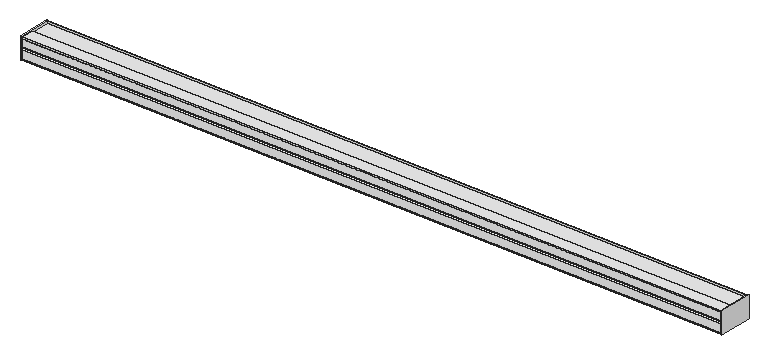
Revit family "4070762+4070747 Feilo Sylvania Lighting Fixture CURSUS 1161MM 770LM WIDE LED 4K with SINGLE WALL HOUSING", category Lighting Fixtures, host Face, Revit 2017
Family settings
  Host = Face
  Round Connector Dimension = Use Diameter
  Part Type = Normal
  OmniClass Number = 23.80.70.14
  OmniClass Title = Luminaries for External Lighting
  Cut with Voids When Loaded = Yes
  Light Source = Yes
  Shared = Yes
  Room Calculation Point = No
Parameters (values of type "4070762 CURSUS 1161MM 770LM WIDE LED 4K")
  Width_FEILO = 35 mm
  Weight = "2.2 kg"
  Wattage Comments = "n/a"
  Wattage = 18 W
  WarrantyStartDate [instance] = "n/a"
  WarrantyGuarantorParts = "n/a"
  WarrantyDurationUnit = "n/a"
  WarrantyDurationParts = "n/a"
  WarrantyDescription = "n/a"
  WallThickness_FEILO = 2.5 mm
  built-in parameter 1150110 = 1 (stored number, unit not read)
  Voltage = 230 V
  URL = "http://www.sylvania-lighting.com"
  TypeName = "CURSUS 1161MM 770LM WIDE LED 4K"
  Type Image = <None>
  Type Comments = "n/a"
  built-in parameter 1114217 = 1 (stored number, unit not read)
  Tilt Angle = -90.00°
  built-in parameter 1150109 = 1 (stored number, unit not read)
  built-in parameter 1150134 = 12
  built-in parameter 1150113 = 1 (stored number, unit not read)
  SerialNumber [instance] = "n/a"
  ReflectorMaterial = none
  PowerFactor = 0
  PowerConsumption = "18 W"
  Photometric Web File = "4070762.ies"
  NominalLength = 1161 mm
  NominalHeight = 50 mm
  NominalDepth = 30 mm
  Name = "CURSUS 1161MM 770LM WIDE LED 4K"
  ModelReference = Name  # "CURSUS 1161MM 770LM WIDE LED 4K"
  ModelNumber = "4070762"
  Model = Name  # "CURSUS 1161MM 770LM WIDE LED 4K"
  Material = "natural anodised extruded aluminium structure housing"
  ManufacturerName = "Feilo Sylvania"
  Manufacturer = "Feilo Sylvania"
  LuminousEfficacy = "42.77 lm/W"
  built-in parameter 1150105 = 424.94 (stored number, unit not read)
  Lumens = 770 lm
  LuminaireType = ""
  built-in parameter 1150115 = 1 (stored number, unit not read)
  LightOutputRatio = "100"
  built-in parameter 1150137 = (empty or 0)
  built-in parameter 1150139 = (empty or 0)
  Length_FEILO = 1167 mm
  LampsType = Lamp  # "LED"
  LampNominalLuminous = "770 lm"
  LampMacAdamStep = "n/a"
  LampColourTemperature = "4000 K"
  LampColourRenderingIndex = "80"
  built-in parameter 1150112 = 1 (stored number, unit not read)
  built-in parameter 1150114 = 1 (stored number, unit not read)
  Lamp = "LED"
  Keynote = "16500"
  InstallationDate [instance] = "n/a"
  InputVoltage = "220-240V~"
  InputNominalFrequency = "n/a"
  built-in parameter 1150132 = (empty or 0)
  built-in parameter 1150102 = (empty or 0)
  built-in parameter 1150107 = 4000 (stored number, unit not read)
  built-in parameter 1150138 = (empty or 0)
  IngressProtection = "IP67"
  ImpactProtectionIndex = "IK07"
  built-in parameter 1150106 = 4.2494 (stored number, unit not read)
  IfcExportType = "IfcLightFixtureType"
  IfcExportAs = "IfcLightFixtureType"
  ExpectedLife = 50000
  EndCapRight [instance] = yes
  EndCapLeft [instance] = yes
  Emit from Rectangle Width = Width_FEILO - WallThickness_FEILO * 2  # 30 mm
  Emit from Rectangle Length = Length_FEILO - WallThickness_FEILO * 2  # 1162 mm
  Emit Shape Visible in Rendering = no
  ElectricShockClassification = "Class III"
  built-in parameter 1150104 = 3.9742 (stored number, unit not read)
  DurationUnit = "hours"
  DocumentationLiterature = "http://www.sylvania-lighting.com/product/en-int/products/4070762"
  DimmingControlOptions = "n/a"
  Dimming Lamp Color Temperature Shift = <None>
  DiffuserMaterial = Diffuser-Sylvania-Glow
  Description = "LED Exterior Lighting Recessed Surface Mounted Linear Fixture, Natural anodised extruded aluminium structure. Die-cast aluminium end caps. Installation kit with harmonic steel springs., 770 lm, 18W,  42lm/W, 4000K, CRI80+,non dimmable,IP67, IK07, (HxWxD) 1161x50x30mm, 3 step Mac Adam Ellipse, 2.2kg,, Classe III, 21-25V-DC, energy class : A++, A+, A"
  Default Elevation = 1219.2 mm
  CreatedOn = "1/8/2018"
  CreatedBy = ""
  Cost = 0
  Color Filter = 16777215
  built-in parameter 1114216 [instance] = (empty or 0)
  ClassificationValue = "EF_70_80"
  ClassificationName = "Uniclass2015"
  BodyMaterial = Body-Sylvania-Gray
  BarCode [instance] = "n/a"
  built-in parameter 1114218 = 1 (stored number, unit not read)
  built-in parameter 1150133 = 10 (stored number, unit not read)
  AssetType = "Fixed"
  AssetIdentifier [instance] = "n/a"
  Assembly Code = "D5020200"
  Apparent Load = 18 VA
  AccessoryMaterial = Diffuser-Sylvania-Glow
Reference planes
  plane 1 "Center (Front/Back)": y = 0
  plane 2: z = 0
  plane 3 "Center (Left/Right)": x = 0
  plane 4: x = 583.5
  plane 5: x = -583.5
  plane 6: x = -581
  plane 7: x = 581
  plane 8: z = 35
  plane 9: z = 17.5
  plane 10: z = 32.5
  plane 11: z = 2.5
  plane 12: z = 30
  plane 13: z = 5
  plane 14: y = -55
  plane 15: y = -53
  plane 16: y = -2.5
  plane 17: y = -37
  plane 18: y = -34.5
Forms (mm)
  Extrusion 1, solid, material "Body-Sylvania-Gray" <- "BodyMaterial"
    sketch origin (0, 0, 0) x (0, 1, 0) y (0, 0, 1)
      loop
        line (0, 35) -> (-2.5, 35) -> (-2.5, 32.5) -> (-34.5, 32.5) -> (-34.5, 35) -> (-55, 35) -> (-55, 32.5) -> (-37, 32.5) -> (-37, 30) -> (-2.5, 30) -> (-2.5, 5) -> (-37, 5) -> (-37, 2.5) -> (-55, 2.5) -> (-55, 0) -> (-34.5, 0) -> (-34.5, 2.5) -> (-2.5, 2.5) -> (-2.5, 0) -> (0, 0) -> (0, 35)
    from -581 to 581
  Extrusion 2, solid, material "Diffuser-Sylvania-Glow" <- "DiffuserMaterial"
    sketch origin (0, 0, 0) x (0, 1, 0) y (0, 0, 1)
      loop
        line (-37, 32.5) -> (-55, 32.5) -> (-55, 19.5) -> (-53, 17.5) -> (-55, 15.5) -> (-55, 2.5) -> (-37, 2.5) -> (-37, 32.5)
    from -581 to 581
  Extrusion 3, solid, material "Body-Sylvania-Gray" <- "BodyMaterial", visible <- "EndCapRight"
    sketch origin (581, 1524, 1219.2) x (0, 1, 0) y (0, 0, 1)
      loop
        line (-1579, -1184.2) -> (-1579, -1219.2) -> (-1524, -1219.2) -> (-1524, -1184.2) -> (-1579, -1184.2)
    from 0 to 2.5
  Extrusion 4, solid, material "Body-Sylvania-Gray" <- "BodyMaterial", visible <- "EndCapLeft"
    sketch origin (-581, 1524, 1219.2) x (0, 1, 0) y (0, 0, 1)
      loop
        line (-1579, -1184.2) -> (-1579, -1219.2) -> (-1524, -1219.2) -> (-1524, -1184.2) -> (-1579, -1184.2)
    from -2.5 to 0
Dimensions and locks
  equal spacing: plane 5, plane 3 "Center (Left/Right)", plane 4
  "Length_FEILO": plane 5 to plane 4
  equal spacing: plane 6, plane 3 "Center (Left/Right)", plane 7
  "WallThickness_FEILO": plane 5 to plane 6
  locked: plane 9 to plane 2 at 17.5
  locked: plane 8 to plane 2 at 35
  equal spacing: plane 11, plane 9, plane 10
  equal spacing: plane 13, plane 9, plane 12
  "WallThickness_FEILO": plane 12 to plane 10
  locked: plane 14 to plane 15 at 2
  locked: plane 14 to plane 17 at 18
  "WallThickness_FEILO": plane 17 to plane 18
  "WallThickness_FEILO": plane 16 to plane 1 "Center (Front/Back)"
  locked: plane 15 to Extrusion 2 sketch curve (angle 45.00°)
  locked: Extrusion 2 sketch curve to plane 15 (angle 45.00°)
  aligned and locked: plane 2 to host face
  aligned and locked: level to host face
  aligned and locked: plane 1 "Center (Front/Back)" to Extrusion 1 sketch curve
  aligned and locked: Extrusion 1 sketch curve to plane 8  (x2)
  aligned and locked: plane 16 to Extrusion 1 sketch curve
  aligned and locked: host face to Extrusion 1 sketch curve
  aligned and locked: Extrusion 1 sketch curve to plane 16  (x2)
  aligned and locked: Extrusion 1 sketch curve to plane 11
  aligned and locked: plane 18 to Extrusion 1 sketch curve
  aligned and locked: level to Extrusion 1 sketch curve
  aligned and locked: plane 11 to Extrusion 1 sketch curve
  aligned and locked: Extrusion 1 sketch curve to plane 17
  aligned and locked: plane 13 to Extrusion 1 sketch curve
  aligned and locked: Extrusion 1 sketch curve to plane 12
  aligned and locked: plane 10 to Extrusion 1 sketch curve  (x2)
  aligned and locked: plane 17 to Extrusion 1 sketch curve  (x2)
  aligned and locked: plane 12 to Extrusion 1 sketch curve
  aligned and locked: Extrusion 1 sketch curve to plane 10
  aligned and locked: Extrusion 1 sketch curve to plane 18
  aligned and locked: plane 7 to Extrusion 1
  aligned and locked: Extrusion 1 to plane 6
  aligned and locked: Extrusion 2 sketch curve to Extrusion 1  (x4)
  aligned and locked: Extrusion 1 to Extrusion 2 sketch curve
  aligned and locked: plane 9 to Extrusion 2 sketch curve
  aligned and locked: plane 7 to Extrusion 2
  aligned and locked: Extrusion 2 to plane 6
  aligned and locked: Extrusion 3 sketch curve to Extrusion 1  (x4)
  aligned and locked: plane 4 to Extrusion 3
  aligned and locked: Extrusion 3 to plane 7
  aligned and locked: Extrusion 4 sketch curve to Extrusion 3  (x3)
  aligned and locked: Extrusion 4 sketch curve to Extrusion 1
  aligned and locked: Extrusion 4 to plane 5
  aligned and locked: plane 6 to Extrusion 4
  aligned and locked: plane 14 to imposter light
  aligned and locked: imposter light to plane 9
  aligned and locked: plane 3 "Center (Left/Right)" to imposter light
Automatic sketch dimensions
  host sketch curve to host sketch curve = 2438.4 mm  (x2)
  Extrusion 1 sketch curve to plane 14 = 0 mm  (x2)
  Extrusion 2 sketch curve to plane 15 = 0 mm
Connectors
  electrical at (0, 0, 0), driven by "Apparent Load", driven by "PowerFactor", driven by "Voltage"
    settings: index 1, voltage 230 V, apparent load 18 VA, apparent load phase1 0 VA, apparent load phase2 0 VA, apparent load phase3 0 VA, power factor 0, load classification "Lighting", number of poles 1, system type 30, power factor state 1, is connector primary yes, connector utility no, sub classification motor no, connector description ""
